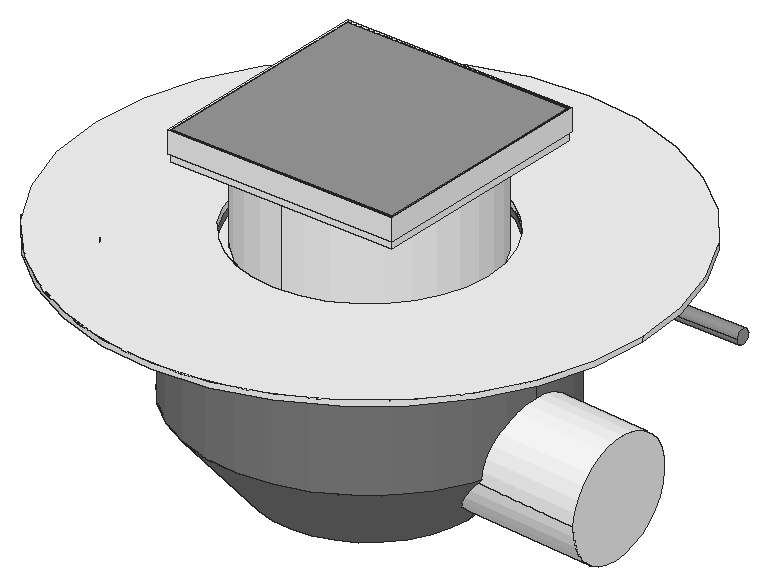
Revit family "HL_RU_Roof drain_HL64.1BP-B-221103", category Sanitärinstallationen, Revit 2020
Family settings
  Bemaßung runder Anschluss = Durchmesser verwenden
  Teiletyp = Normal
  OmniClass-Nummer = 23.70.50.21.24.14
  OmniClass-Titel = Deck Waste Water Drains
  Arbeitsebenenbasiert = Nein
  Immer vertikal = Ja
  Beim Laden mit Abzugskörper schneiden = Nein
  Gemeinsam genutzt = Nein
  Raumberechnungspunkt = Ja
Parameters (values of type "HL_Кровельная воронка_HL64.1BP_7")
  РЕШЁТКА = "Edelstahl 137x137mm"
  РАЗМЕР = "DN75"
  ПРОПУСКНАЯ СПОСОБНОСТЬ [instance] = 0.0 L/s
  ПРОИЗВОДИТЕЛЬНОСТЬ = "3,7 l/s"
  ПРАВОВАЯ ИНФОРМАЦИЯ = "Авторские права(©), права на дизайн или какие либо другие права интелектуальной собственности являются исключительной собственностью компании HL Hutterer & Lechner. Изменению не подлежит. Файл семейства с данными о прозводителе изделия защищен паролем с водяным знаком."
  НОМИНАЛЬНЫЙ ДИАМЕТР = 75 mm
  НАСАДКА = "19-65mm/148x148mm"
  МАТЕРИАЛ = "PVC"
  МАКСИМАЛЬНАЯ НАГРУЗКА КЛАССА = "K - 300 kg"
  ВЕС = "2,06 [kg]"
  Vorgabe-Ansicht = 0 mm
  Hersteller = "HL Hutterer & Lechner GmbH"  # constant formula
  URL = "http://www.hutterer-lechner.com/ru/products/catalog/roof-drains/HL64.1BP/7.aspx"
  Материал плитка [instance] = none
  Lüftungsverbindung = no
  Abwasserrohrverbindung = yes
  HW-Verbindung = no
  KW-Verbindung = no
  Beschreibung = "Кровельные воронки"
  Model = "HL64.1BP_7"
  Assembly Code = " "
  Typenkommentare = "HL64.1BP/7 Кровельная воронка DN75 для эксплуатируемой кровли, горизонтальный выпуск, с ПВХ_фланцем и электрообогревом (10_30W/230V),"
  Keynote = "HL64.1BP_7"
  Bысота монтажа [instance] = 65 mm  # constant formula
  G [instance] = 90.00°  # constant formula
  EAN = "9003076031528"
  D [instance] = if(НОМИНАЛЬНЫЙ ДИАМЕТР = 75 mm, 164 mm, 178 mm)  # 164 mm
  C [instance] = if(Bысота монтажа - 68 mm < 0 mm, 0 mm, Bысота монтажа - 68 mm)  # 0 mm
  B [instance] = Bысота монтажа + if(НОМИНАЛЬНЫЙ ДИАМЕТР = 75 mm, 101.3 mm, 84 mm)  # 166.3 mm
  A [instance] = if(B - 100 mm > 15 mm, B - 100 mm, 15 mm)  # 66.3 mm
Types (3, lengths in mm): name | РАЗМЕР | НОМИНАЛЬНЫЙ ДИАМЕТР | ВЕС | URL | Model | Typenkommentare | Keynote | EAN | D | B | A
  (no name) | "DN75" | 75 | "2,06 [kg]" | "http://www.hutterer-lechner.com/ru/products/catalog/roof-drains/HL64.1BP/7.aspx" | "HL64.1BP_7" | "HL64.1BP/7 Кровельная воронка DN75 для эксплуатируемой кровли, горизонтальный выпуск, с ПВХ_фланцем и электрообогревом (10_30W/230V)," | "HL64.1BP_7" | "9003076031528" | 164 | 166.3 | 66.3
  HL_Кровельная воронка_HL64.1BP_1 | "DN110" | 110 | "1,56 [kg]" | "http://www.hutterer-lechner.com/ru/products/catalog/roof-drains/HL64.1BP/1.aspx" | "HL64.1BP_1" | "HL64.1BP/1 Кровельная воронка DN110 для эксплуатируемой кровли, горизонтальный выпуск, с ПВХ_фланцем и электрообогревом (10_30W/230V)," | "HL64.1BP_1" | "9003076031542" | 178 | 149 | 49
  HL_Кровельная воронка_HL64.1BP_7 | "DN75" | 75 | "2,06 [kg]" | "http://www.hutterer-lechner.com/ru/products/catalog/roof-drains/HL64.1BP/7.aspx" | "HL64.1BP_7" | "HL64.1BP/7 Кровельная воронка DN75 для эксплуатируемой кровли, горизонтальный выпуск, с ПВХ_фланцем и электрообогревом (10_30W/230V)," | "HL64.1BP_7" | "9003076031528" | 164 | 166.3 | 66.3
Reference planes
  plane 1 "Center (Front/Back)": y = 0
  plane 2: z = 0
  plane 3 "Center (Left/Right)": x = 0
  plane 4: z = -166.3
  plane 5: z = -65
Lines and regions (mm)
  model lines, style "InvisibleLines"
    curve 1: line (0, 0, 0) -> (0, 0, 20)
  model lines, style "PlumbingFixtures", detail levels coarse+medium
    curve 2: line (0, 0, -166.3) -> (0, 0, -100)
    curve 3: line (0, 0, -100) -> (-100, 0, 0)
    curve 4: line (0, 0, -100) -> (100, 0, 0)
    curve 6: line (0, 0, -166.3) -> (164, 0, -166.3)
  reference lines, not visible
    curve 5: line (0, 0, -166.3) -> (164, 0, -166.3)
  symbolic lines, style "PlumbingFixtures", detail levels coarse+medium
    curve 7: line (-75, 75, 0) -> (75, 75, 0)
    curve 8: line (-75, -75, 0) -> (-75, 75, 0)
    curve 9: line (75, -75, 0) -> (-75, -75, 0)
    curve 10: line (75, 75, 0) -> (75, -75, 0)
    curve 11: line (-75, 75, 0) -> (-145.711, 145.711, 0)
    curve 12: line (75, 75, 0) -> (145.711, 145.711, 0)
    curve 13: line (-75, -75, 0) -> (-145.711, -145.711, 0)
    curve 14: line (75, -75, 0) -> (145.711, -145.711, 0)
  symbolic lines, style "PlumbingFixtures", not visible, detail levels coarse+medium
    curve 15: line (-75, 75, 0) -> (75, 75, 0)
    curve 16: line (-75, -75, 0) -> (-75, 75, 0)
    curve 17: line (75, -75, 0) -> (-75, -75, 0)
    curve 18: line (75, 75, 0) -> (75, -75, 0)
    curve 19: line (-75, 75, 0) -> (-145.711, 145.711, 0)
    curve 20: line (75, 75, 0) -> (145.711, 145.711, 0)
    curve 21: line (-75, -75, 0) -> (-145.711, -145.711, 0)
    curve 22: line (75, -75, 0) -> (145.711, -145.711, 0)
Text (mm)
  text "FLOOR" at (-162.344, 0, -10.979), in view "Drain Construction View"
Dimensions and locks
  "B": plane 2 to plane 4
  "Bысота монтажа": plane 2 to plane 5
  "A": curve 4 to plane 4
  "D": curve 5 to curve 5
  "D": curve 6 to curve 6
  locked: curve 4 to plane 3 "Center (Left/Right)" (angle 45.00°)
  locked: plane 3 "Center (Left/Right)" to curve 3 (angle 45.00°)
  "G": angle curve 5 to plane 3 "Center (Left/Right)"
  aligned and locked: level to plane 2
  aligned and locked: plane 2 to curve 4
  aligned and locked: plane 2 to curve 3
  aligned and locked: plane 4 to curve 5
  aligned and locked: plane 3 "Center (Left/Right)" to curve 5
  aligned and locked: plane 4 to curve 2
  aligned and locked: plane 3 "Center (Left/Right)" to curve 6
  aligned and locked: plane 4 to curve 6
  aligned and locked: plane 2 to nested 1
  aligned and locked: plane 3 "Center (Left/Right)" to nested 1
  aligned and locked: nested 2 to curve 2
  aligned and locked: nested 2 to plane 5
Automatic sketch dimensions
  curve 1 to plane 3 "Center (Left/Right)" = 0 mm
  curve 1 to level = 0 mm
  level to curve 1 = 20 mm
Nested families
  nested 1: "HL_Насадка_HL66.9S" at (0, 0, 0), Bысота монтажа <- "Bысота монтажа", type "HL_Grate frame_HL66.9S"
    with L 93 mm, IHmin 12 mm, IHmax 65 mm, Bысота монтажа 65 mm
  nested 2: "HL_кровельные воронки - корпус_HL64.1P" at (0, 0, -65), НОМИНАЛЬНЫЙ ДИАМЕТР <- "НОМИНАЛЬНЫЙ ДИАМЕТР", type "HL_кровельные воронки - корпус_HL64.1P"
    with НОМИНАЛЬНЫЙ ДИАМЕТР 75 mm, L 164 mm, B 101.3 mm, A 92.3 mm
Connectors
  piping at (164, 0, -166.3), diameter 75, driven by "ПРОПУСКНАЯ СПОСОБНОСТЬ", driven by "НОМИНАЛЬНЫЙ ДИАМЕТР"
    settings: on curve 5, index 1, connector inside diameter 609.6 mm, connector length 0 mm, flow factor 0, pipe flow 0.0 L/s, pressure drop 0.0 Pa, fitting loss kfactor 0, connector angle 0.00°, fixture units 0, engagement length 0 mm, angle of deflection 0.00°, flow configuration 1, flow direction 2, fitting loss method 0, system type 16, joint type 0, gender type 0, connector reference index -1, connector utility 0, adjustable connector yes, is connector primary yes, connector description ""
Definition of nested family "HL_Насадка_HL66.9S"
  Parameters (values of type "HL_Grate frame_HL66.9S")
    РЕШЁТКА = "Edelstahl 138x138mm"
    РАЗМЕР = "d 145 mm"
    ПРАВОВАЯ ИНФОРМАЦИЯ = "Авторские права(©), права на дизайн или какие либо другие права интелектуальной собственности являются исключительной собственностью компании HL Hutterer & Lechner. Изменению не подлежит. Файл семейства с данными о прозводителе изделия защищен паролем с водяным знаком."
    НАСАДКА = "147x147mm"
    МАТЕРИАЛ = "PP"
    МАКСИМАЛЬНАЯ НАГРУЗКА КЛАССА = "K - 300 kg"
    ВЫСОТА МОНТАЖА = "12-65mm"
    Материал плитка = none
    ВЕС = "0,345 [kg]"
    Default Elevation = 0 mm
    L [instance] = if(Bысота монтажа < IHmin, -100 mm, if(Bысота монтажа > IHmax, -100 mm, Bысота монтажа + 28 mm))  # 93 mm
    Manufacturer = "HL Hutterer & Lechner GmbH"
    URL = "http://www.hutterer-lechner.com/ru/products/catalog/roof-drains/HL66.9.aspx"
    Description = "Кровельные воронки"
    Model = "HL66.9"
    Type Comments = "HL66.9, Насадка d 145мм с бороздками/147х147мм/138х138мм"
    Keynote = "HL66.9"
    Bысота монтажа [instance] = 65 mm
    IHmin [instance] = 12 mm
    IHmax [instance] = 65 mm
    EAN = "9003076014606"
    Cost = 0
  Reference planes
    plane 1 "Střed (vpředu/vzadu)": y = 0
    plane 2: z = 0
    plane 3 "Střed (vlevo/vpravo)": x = 0
  Forms (mm)
    Revolve 1, solid, detail levels fine
      sketch origin (0, 0, 128) x (0, 1, 0) y (0, 0, 1)
        loop
          line (72.5, -142) -> (69.248, -142) -> (69.248, -221) -> (72.5, -221) -> (72.5, -142)
        axis (0, -142) -> (0, -221)
      angle from 0 to 360
    Extrusion 2, solid, detail levels fine
      sketch origin (-1.537, 0, -14.6) x (0, 1, 0) y (-1, 0, 0)
        loop
          line (74, 72.459) -> (-74, 72.459) -> (-74, -75.537) -> (74, -75.537) -> (74, 72.459)
        loop
          line (73, 71.463) -> (-73, 71.463) -> (-73, -74.537) -> (73, -74.537) -> (73, 71.463)
      from 0.6 to 14.6
    Extrusion 3, solid, detail levels fine
      sketch origin (-1.537, 0, -14) x (-1, 0, 0) y (0, 1, 0)
        loop
          line (71.463, 73) -> (-74.537, 73) -> (-74.537, -73) -> (71.463, -73) -> (71.463, 73)
        loop
          circle (-1.537, 0) r 72.5
      from 0 to 5
    Extrusion 4, solid, detail levels fine
      sketch origin (-1.537, 0, -14) x (-1, 0, 0) y (0, -1, 0)
        loop
          line (70.95, -72.397) -> (70.95, 72.463) -> (-74.05, 72.463) -> (-74.05, -72.397) -> (70.95, -72.397)
      from 0 to 14
    Revolve 5, solid, detail levels fine
      sketch origin (0, 75.989, -93) x (0, -1, 0) y (0, 0, -1)
        loop
          line (3.489, -20) -> (3.489, 0) -> (0.186, 0) -> (-2.325, -2.511) -> (-2.325, -20) -> (3.489, -20)
        axis (75.989, -20) -> (75.989, 0)
      angle from 0 to 360
  Lines and regions (mm)
    model lines, detail levels fine
      curve 1: line (36.25, 24.325, 0) -> (36.25, -24.42, 0)
      curve 2: line (43.75, -24.42, 0) -> (43.75, 24.325, 0)
      curve 3: line (52.25, 40.306, 0) -> (52.25, -40.355, 0)
      curve 4: line (59.75, -40.355, 0) -> (59.75, 40.306, 0)
      curve 5: line (20.25, 8.588, 0) -> (20.25, -8.684, 0)
      curve 6: line (27.75, -8.684, 0) -> (27.75, 8.588, 0)
      curve 7: arc (27.75, 8.588, 0) -> (24, 12.338, 0) -> (20.25, 8.588, 0) r 3.75
      curve 8: arc (20.25, -8.684, 0) -> (24, -12.434, 0) -> (27.75, -8.684, 0) r 3.75
      curve 9: arc (36.25, -24.42, 0) -> (40, -28.17, 0) -> (43.75, -24.42, 0) r 3.75
      curve 10: arc (43.75, 24.325, 0) -> (40, 28.075, 0) -> (36.25, 24.325, 0) r 3.75
      curve 11: arc (59.75, 40.306, 0) -> (56, 44.056, 0) -> (52.25, 40.306, 0) r 3.75
      curve 12: arc (52.25, -40.355, 0) -> (56, -44.105, 0) -> (59.75, -40.355, 0) r 3.75
      curve 13: line (-24.325, -36.25, 0) -> (24.42, -36.25, 0)
      curve 14: line (24.42, -43.75, 0) -> (-24.325, -43.75, 0)
      curve 15: line (-40.306, -52.25, 0) -> (40.355, -52.25, 0)
      curve 16: line (40.355, -59.75, 0) -> (-40.306, -59.75, 0)
      curve 17: line (-8.588, -20.25, 0) -> (8.684, -20.25, 0)
      curve 18: line (8.684, -27.75, 0) -> (-8.588, -27.75, 0)
      curve 19: arc (-8.588, -27.75, 0) -> (-12.338, -24, 0) -> (-8.588, -20.25, 0) r 3.75
      curve 20: arc (8.684, -20.25, 0) -> (12.434, -24, 0) -> (8.684, -27.75, 0) r 3.75
      curve 21: arc (24.42, -36.25, 0) -> (28.17, -40, 0) -> (24.42, -43.75, 0) r 3.75
      curve 22: arc (-24.325, -43.75, 0) -> (-28.075, -40, 0) -> (-24.325, -36.25, 0) r 3.75
      curve 23: arc (-40.306, -59.75, 0) -> (-44.056, -56, 0) -> (-40.306, -52.25, 0) r 3.75
      curve 24: arc (40.355, -52.25, 0) -> (44.105, -56, 0) -> (40.355, -59.75, 0) r 3.75
      curve 25: line (36.25, -24.42, 0) -> (36.25, 24.325, 0)
      curve 26: line (43.75, 24.325, 0) -> (43.75, -24.42, 0)
      curve 27: line (52.25, -40.355, 0) -> (52.25, 40.306, 0)
      curve 28: line (59.75, 40.306, 0) -> (59.75, -40.355, 0)
      curve 29: line (20.25, -8.684, 0) -> (20.25, 8.588, 0)
      curve 30: line (27.75, 8.588, 0) -> (27.75, -8.684, 0)
      curve 31: arc (27.75, -8.588, 0) -> (24, -12.338, 0) -> (20.25, -8.588, 0) r 3.75
      curve 32: arc (20.25, 8.684, 0) -> (24, 12.434, 0) -> (27.75, 8.684, 0) r 3.75
      curve 33: arc (36.25, 24.42, 0) -> (40, 28.17, 0) -> (43.75, 24.42, 0) r 3.75
      curve 34: arc (43.75, -24.325, 0) -> (40, -28.075, 0) -> (36.25, -24.325, 0) r 3.75
      curve 35: arc (59.75, -40.306, 0) -> (56, -44.056, 0) -> (52.25, -40.306, 0) r 3.75
      curve 36: arc (52.25, 40.355, 0) -> (56, 44.105, 0) -> (59.75, 40.355, 0) r 3.75
      curve 37: line (24.42, -36.25, 0) -> (-24.325, -36.25, 0)
      curve 38: line (-24.325, -43.75, 0) -> (24.42, -43.75, 0)
      curve 39: line (40.355, -52.25, 0) -> (-40.306, -52.25, 0)
      curve 40: line (-40.306, -59.75, 0) -> (40.355, -59.75, 0)
      curve 41: line (8.684, -20.25, 0) -> (-8.588, -20.25, 0)
      curve 42: line (-8.588, -27.75, 0) -> (8.684, -27.75, 0)
      curve 43: arc (8.588, -27.75, 0) -> (12.338, -24, 0) -> (8.588, -20.25, 0) r 3.75
      curve 44: arc (-8.684, -20.25, 0) -> (-12.434, -24, 0) -> (-8.684, -27.75, 0) r 3.75
      curve 45: arc (-24.42, -36.25, 0) -> (-28.17, -40, 0) -> (-24.42, -43.75, 0) r 3.75
      curve 46: arc (24.325, -43.75, 0) -> (28.075, -40, 0) -> (24.325, -36.25, 0) r 3.75
      curve 47: arc (40.306, -59.75, 0) -> (44.056, -56, 0) -> (40.306, -52.25, 0) r 3.75
      curve 48: arc (-40.355, -52.25, 0) -> (-44.105, -56, 0) -> (-40.355, -59.75, 0) r 3.75
      curve 49: line (-36.25, 24.325, 0) -> (-36.25, -24.325, 0)
      curve 50: line (-43.75, -24.325, 0) -> (-43.75, 24.325, 0)
      curve 51: line (-52.25, 40.306, 0) -> (-52.25, -40.306, 0)
      curve 52: line (-59.75, -40.306, 0) -> (-59.75, 40.306, 0)
      curve 53: line (-20.25, 8.588, 0) -> (-20.25, -8.588, 0)
      curve 54: line (-27.75, -8.684, 0) -> (-27.75, 8.588, 0)
      curve 55: arc (-27.75, 8.588, 0) -> (-24, 12.338, 0) -> (-20.25, 8.588, 0) r 3.75
      curve 56: arc (-20.25, -8.684, 0) -> (-24, -12.434, 0) -> (-27.75, -8.684, 0) r 3.75
      curve 57: arc (-43.75, 24.325, 0) -> (-40, 28.075, 0) -> (-36.25, 24.325, 0) r 3.75
      curve 58: arc (-59.75, 40.306, 0) -> (-56, 44.056, 0) -> (-52.25, 40.306, 0) r 3.75
      curve 59: line (-36.25, -24.325, 0) -> (-36.25, 24.325, 0)
      curve 60: line (-43.75, 24.325, 0) -> (-43.75, -24.325, 0)
      curve 61: line (-52.25, -40.306, 0) -> (-52.25, 40.306, 0)
      curve 62: line (-59.75, 40.306, 0) -> (-59.75, -40.306, 0)
      curve 63: line (-20.25, -8.588, 0) -> (-20.25, 8.588, 0)
      curve 64: line (-27.75, 8.588, 0) -> (-27.75, -8.684, 0)
      curve 65: arc (-27.75, -8.588, 0) -> (-24, -12.338, 0) -> (-20.25, -8.588, 0) r 3.75
      curve 66: arc (-20.25, 8.684, 0) -> (-24, 12.434, 0) -> (-27.75, 8.684, 0) r 3.75
      curve 67: arc (-36.25, 24.42, 0) -> (-40, 28.17, 0) -> (-43.75, 24.42, 0) r 3.75
      curve 68: arc (-43.75, -24.325, 0) -> (-40, -28.075, 0) -> (-36.25, -24.325, 0) r 3.75
      curve 69: arc (-59.75, -40.306, 0) -> (-56, -44.056, 0) -> (-52.25, -40.306, 0) r 3.75
      curve 70: arc (-52.25, 40.355, 0) -> (-56, 44.105, 0) -> (-59.75, 40.355, 0) r 3.75
      curve 71: line (-24.42, 36.25, 0) -> (24.325, 36.25, 0)
      curve 72: line (24.42, 43.75, 0) -> (-24.42, 43.75, 0)
      curve 73: line (-40.355, 52.25, 0) -> (40.306, 52.25, 0)
      curve 74: line (40.306, 59.75, 0) -> (-40.355, 59.75, 0)
      curve 75: line (-8.588, 20.25, 0) -> (8.588, 20.25, 0)
      curve 76: line (8.684, 27.75, 0) -> (-8.588, 27.75, 0)
      curve 77: arc (-8.588, 27.75, 0) -> (-12.338, 24, 0) -> (-8.588, 20.25, 0) r 3.75
      curve 78: arc (8.684, 20.25, 0) -> (12.434, 24, 0) -> (8.684, 27.75, 0) r 3.75
      curve 79: arc (24.42, 36.25, 0) -> (28.17, 40, 0) -> (24.42, 43.75, 0) r 3.75
      curve 80: line (24.325, 36.25, 0) -> (-24.42, 36.25, 0)
      curve 81: line (-24.42, 43.75, 0) -> (24.42, 43.75, 0)
      curve 82: line (40.306, 52.25, 0) -> (-40.355, 52.25, 0)
      curve 83: line (-40.355, 59.75, 0) -> (40.306, 59.75, 0)
      curve 84: line (8.588, 20.25, 0) -> (-8.588, 20.25, 0)
      curve 85: line (-8.588, 27.75, 0) -> (8.684, 27.75, 0)
      curve 86: arc (8.588, 27.75, 0) -> (12.338, 24, 0) -> (8.588, 20.25, 0) r 3.75
      curve 87: arc (-8.684, 20.25, 0) -> (-12.434, 24, 0) -> (-8.684, 27.75, 0) r 3.75
      curve 88: arc (-24.42, 36.25, 0) -> (-28.17, 40, 0) -> (-24.42, 43.75, 0) r 3.75
      curve 89: arc (24.325, 43.75, 0) -> (28.075, 40, 0) -> (24.325, 36.25, 0) r 3.75
      curve 90: arc (40.306, 59.75, 0) -> (44.056, 56, 0) -> (40.306, 52.25, 0) r 3.75
      curve 91: arc (-40.355, 52.25, 0) -> (-44.105, 56, 0) -> (-40.355, 59.75, 0) r 3.75
    reference lines
      curve 92: line (0, 75.989, -93) -> (0, -174.011, -93)
  Dimensions and locks
    Extrusion 2 sketch curve to Extrusion 2 sketch curve = 147.996 mm
    Extrusion 2 sketch curve to Extrusion 2 sketch curve = 148 mm
    "L": curve 92 to plane 2
    aligned and locked: level to plane 2
    aligned and locked: Revolve 1 to curve 92
  Automatic sketch dimensions
    plane 1 "Střed (vpředu/vzadu)" to Extrusion 2 sketch curve = 74 mm
    Extrusion 2 sketch curve to Extrusion 2 sketch curve = 1 mm  (x3)
    plane 3 "Střed (vlevo/vpravo)" to Extrusion 2 sketch curve = 74 mm
    Extrusion 2 sketch curve to Extrusion 2 sketch curve = 0.996 mm
    Extrusion 3 sketch curve to Extrusion 2 = 0 mm  (x4)
    Extrusion 3 sketch curve to Extrusion 2 = 73 mm  (x2)
    Extrusion 2 to curve 16 = 13.25 mm
    curve 24 to curve 47 = 3.75 mm
    curve 47 to curve 24 = 0 mm
    curve 48 to curve 23 = 0 mm  (x2)
    curve 23 to curve 38 = 8.5 mm
    curve 24 to curve 12 = 11.895 mm
    curve 12 to curve 35 = 0.048 mm
    curve 15 to curve 69 = 11.944 mm
    curve 22 to curve 45 = 3.75 mm
    curve 21 to curve 46 = 3.75 mm
    curve 46 to curve 21 = 0 mm
    curve 22 to curve 18 = 8.5 mm
    curve 21 to curve 9 = 11.83 mm
    curve 13 to curve 49 = 11.925 mm
    curve 9 to curve 34 = 0.095 mm
    curve 18 to curve 19 = 3.75 mm
    curve 44 to curve 19 = 0 mm  (x2)
    curve 43 to curve 20 = 0 mm
    curve 20 to curve 5 = 11.566 mm
    curve 49 to curve 64 = 15.642 mm
    curve 8 to curve 31 = 0.095 mm
    curve 56 to curve 53 = 0.095 mm
    curve 65 to curve 64 = 17.177 mm
    curve 31 to curve 29 = 17.177 mm
    curve 7 to curve 32 = 0.095 mm
    curve 55 to curve 66 = 0.095 mm
    curve 32 to curve 84 = 11.566 mm
    curve 86 to curve 78 = 3.75 mm
    curve 86 to curve 78 = 0 mm
    curve 77 to curve 87 = 3.75 mm
    curve 87 to curve 77 = 0 mm  (x2)
    curve 66 to curve 60 = 15.642 mm
    curve 32 to curve 26 = 15.642 mm
    curve 10 to curve 33 = 0.095 mm
    curve 57 to curve 67 = 0.095 mm
    curve 33 to curve 71 = 11.83 mm
    curve 89 to curve 89 = 3.75 mm
    curve 88 to curve 88 = 3.75 mm
    curve 89 to curve 79 = 0 mm
    curve 33 to curve 11 = 15.886 mm
    curve 67 to curve 51 = 15.886 mm
    curve 58 to curve 70 = 0.048 mm
    curve 11 to curve 36 = 0.048 mm
    curve 70 to curve 73 = 11.895 mm
    curve 90 to curve 90 = 3.75 mm
    Extrusion 2 to curve 28 = 13.25 mm
    curve 4 to curve 11 = 3.75 mm
    curve 35 to curve 12 = 0 mm
    curve 36 to curve 11 = 0 mm
    curve 3 to curve 2 = 8.5 mm
    curve 3 to curve 39 = 11.895 mm
    curve 11 to curve 83 = 11.944 mm
    curve 24 to curve 47 = 0.048 mm
    curve 26 to curve 9 = 3.75 mm
    curve 33 to curve 10 = 0 mm
    curve 34 to curve 9 = 0 mm
    curve 34 to curve 30 = 8.5 mm
    curve 90 to curve 72 = 15.886 mm
    curve 1 to curve 21 = 11.83 mm
    curve 79 to curve 80 = 0.095 mm
    curve 21 to curve 46 = 0.095 mm
    curve 6 to curve 32 = 3.75 mm
    curve 6 to curve 8 = 3.75 mm
    curve 31 to curve 8 = 0 mm
    curve 29 to curve 17 = 11.566 mm
    curve 7 to curve 78 = 11.566 mm
    curve 78 to curve 86 = 0.095 mm
    curve 20 to curve 43 = 0.095 mm
    curve 43 to curve 41 = 17.177 mm
    curve 86 to curve 77 = 17.177 mm
    curve 19 to curve 44 = 0.095 mm
    curve 77 to curve 87 = 0.095 mm
    curve 87 to curve 53 = 11.566 mm
    curve 53 to curve 66 = 3.75 mm
    curve 55 to curve 66 = 0 mm
    curve 56 to curve 54 = 3.75 mm
    curve 65 to curve 56 = 0 mm
    curve 44 to curve 14 = 15.642 mm
    curve 22 to curve 45 = 0.095 mm
    curve 87 to curve 72 = 15.736 mm
    curve 45 to curve 59 = 11.83 mm
    curve 57 to curve 67 = 3.75 mm
    curve 68 to curve 68 = 3.75 mm
    curve 45 to curve 15 = 15.886 mm
    curve 23 to curve 48 = 0.048 mm
    curve 72 to curve 74 = 15.935 mm
    curve 91 to curve 51 = 11.895 mm
    curve 51 to curve 70 = 3.75 mm
    curve 51 to curve 69 = 3.75 mm
    curve 45 to curve 22 = 0 mm
    curve 36 to curve 28 = 0 mm
    curve 33 to curve 2 = 0 mm
    curve 32 to curve 30 = 0 mm
    curve 66 to curve 55 = 0 mm
    curve 67 to curve 57 = 0 mm
    curve 70 to curve 51 = 0 mm
    Extrusion 4 sketch curve to Extrusion 3 = 0.487 mm
    Extrusion 4 sketch curve to Extrusion 3 = 0.513 mm
    Extrusion 4 sketch curve to Extrusion 3 = 0.603 mm
    Extrusion 4 sketch curve to Extrusion 3 = 0.537 mm
    Revolve 1 sketch curve to plane 1 "Střed (vpředu/vzadu)" = 0 mm
    Revolve 1 sketch curve to level = 14 mm
    Revolve 1 sketch curve to plane 1 "Střed (vpředu/vzadu)" = 69.248 mm
    Revolve 1 sketch curve to Revolve 1 sketch curve = 3.252 mm
    Revolve 1 sketch curve to Revolve 1 sketch curve = 79 mm
    Revolve 1 sketch curve to Revolve 1 sketch curve = 17.5 mm
    level to Revolve 1 sketch curve = 144.5 mm
    Revolve 5 sketch curve to curve 92 = 0 mm
    Revolve 5 sketch curve to curve 92 = 2.325 mm
    curve 92 to Revolve 5 sketch curve = 0.186 mm
    curve 92 to Revolve 5 sketch curve = 3.489 mm
    Revolve 5 sketch curve to curve 92 = 2.511 mm
    Revolve 5 sketch curve to curve 92 = 20 mm
    curve 92 to Revolve 5 sketch curve = 75.989 mm
    Revolve 5 sketch curve to curve 92 = 393 mm
    curve 92 to Revolve 5 sketch curve = 207 mm
    plane 1 "Střed (vpředu/vzadu)" to curve 92 = 174.011 mm
    curve 92 to plane 1 "Střed (vpředu/vzadu)" = 75.989 mm
    radius of Extrusion 3 sketch curve = 72.5 mm
Definition of nested family "HL_кровельные воронки - корпус_HL64.1P"
  Parameters (values of type "HL_кровельные воронки - корпус_HL64.1P")
    НОМИНАЛЬНЫЙ ДИАМЕТР [instance] = 110 mm
    Default Elevation = 0 mm
    Manufacturer = ""
    URL = ""
    Description = ""
    Model = ""
    L [instance] = if(НОМИНАЛЬНЫЙ ДИАМЕТР = 75 mm, 164 mm, 178 mm)  # 178 mm
    Type Comments = ""
    Cost = 0
    B [instance] = if(НОМИНАЛЬНЫЙ ДИАМЕТР = 75 mm, 101.3 mm, 84 mm)  # 84 mm
    A [instance] = if(НОМИНАЛЬНЫЙ ДИАМЕТР = 75 mm, 92.3 mm, 75 mm)  # 75 mm
  Reference planes
    plane 1 "Střed (vpředu/vzadu)": y = 0
    plane 2: z = 0
    plane 3 "Střed (vlevo/vpravo)": x = 0
  Forms (mm)
    Extrusion 1, solid, detail levels fine
      sketch origin (0, 0.019, 0) x (1, 0, 0) y (0, 1, 0)
        loop
          circle (0, 0) r 180
        loop
          circle (0, 0) r 78.913
      from 0 to -3.5
    Extrusion 2, solid, detail levels fine
      sketch origin (0, 0.019, -3.5) x (0, 1, 0) y (1, 0, 0)
        loop
          circle (0, 0) r 140
      from 0 to 18
    Extrusion 3, solid, detail levels fine
      sketch origin (0, 0.019, -21.5) x (-1, 0, 0) y (0, 1, 0)
        loop
          circle (0, 0) r 110
      from 0 to 73.906
    Blend 4, solid, detail levels fine
      base sketch origin (0, 0.019, -95.406) x (0, -1, 0) y (1, 0, 0)
        loop
          circle (0, 0) r 110
      top sketch origin (0, 0.019, -95.406) x (0, -1, 0) y (1, 0, 0)
        loop
          circle (0, 0) r 65
      from 0 to -53
    Revolve 5, void
      sketch origin (0, 0.019, 0) x (1, 0, 0) y (0, 0, 1)
        loop
          line (-78.913, 0) -> (-78.913, -16.281) -> (-74.694, -23.588) -> (-74.694, -24.914) -> (-75.511, -24.914) -> (-75.511, -30.304) -> (-64.679, -30.304) -> (-64.679, -32.804) -> (0, -32.804) -> (0, 0) -> (-78.913, 0)
        axis (0, 0) -> (0, -32.804)
      angle from 0 to 360
    Extrusion 6, solid, detail levels fine
      sketch origin (193.712, 65.055, -23.793) x (0, 1, 0) y (0, 0, 1)
        loop
          circle (0.061, -0.108) r 4.5
      from 0 to -120
    Extrusion 7, solid, detail levels fine
      sketch origin (179.491, 0, -54.515) x (0, -1, 0) y (-0.050497, 0, -0.998724)
        loop
          circle (0, 29.523) r 55
      from 0 to -99.364
  Cuts and joins
    Revolve 5 cuts Extrusion 1
    Revolve 5 cuts Extrusion 2
    Revolve 5 cuts Extrusion 3
  Lines and regions (mm)
    reference lines
      curve 1: line (0, 0, -75) -> (178, 0, -84)
  Dimensions and locks
    "B": plane 2 to curve 1
    curve 1 to plane 3 "Střed (vlevo/vpravo)" = 0 mm
    "A": plane 2 to curve 1
    "L": curve 1 to plane 3 "Střed (vlevo/vpravo)"
    "НОМИНАЛЬНЫЙ ДИАМЕТР": diameter of Extrusion 7 sketch curve
    aligned and locked: level to plane 2
  Automatic sketch dimensions
    Extrusion 1 sketch curve to Extrusion 1 sketch curve = 0 mm  (x2)
    Extrusion 1 sketch curve to plane 3 "Střed (vlevo/vpravo)" = 0 mm
    Extrusion 1 sketch curve to plane 1 "Střed (vpředu/vzadu)" = 0.019 mm
    Revolve 5 sketch curve to level = 0 mm
    Revolve 5 sketch curve to plane 3 "Střed (vlevo/vpravo)" = 0 mm  (x2)
    Revolve 5 sketch curve to level = 30.304 mm
    Revolve 5 sketch curve to plane 3 "Střed (vlevo/vpravo)" = 64.679 mm
    Revolve 5 sketch curve to level = 23.588 mm
    Revolve 5 sketch curve to Revolve 5 sketch curve = 10.016 mm
    Revolve 5 sketch curve to Revolve 5 sketch curve = 0.817 mm
    Revolve 5 sketch curve to Revolve 5 sketch curve = 4.218 mm
    Revolve 5 sketch curve to level = 32.804 mm
    Revolve 5 sketch curve to Revolve 5 sketch curve = 1.326 mm
    Revolve 5 sketch curve to Revolve 5 sketch curve = 7.307 mm
    Revolve 5 sketch curve to Revolve 5 sketch curve = 25 mm
    Revolve 5 sketch curve to Revolve 5 sketch curve = 50 mm
    Extrusion 6 sketch curve to level = 23.9 mm
    Extrusion 6 sketch curve to plane 1 "Střed (vpředu/vzadu)" = 65.116 mm
    Extrusion 7 sketch curve to plane 1 "Střed (vpředu/vzadu)" = 0 mm
    radius of Extrusion 1 sketch curve = 180 mm
    radius of Extrusion 1 sketch curve = 78.913 mm
    radius of Extrusion 2 sketch curve to Extrusion 1 = 40 mm
    radius of Extrusion 3 sketch curve to Extrusion 2 = 30 mm
    radius of Blend 4 sketch curve to Extrusion 3 = 0 mm
    radius of Blend 4 sketch curve to Extrusion 3 = 45 mm
    radius of Extrusion 6 sketch curve = 4.5 mm
